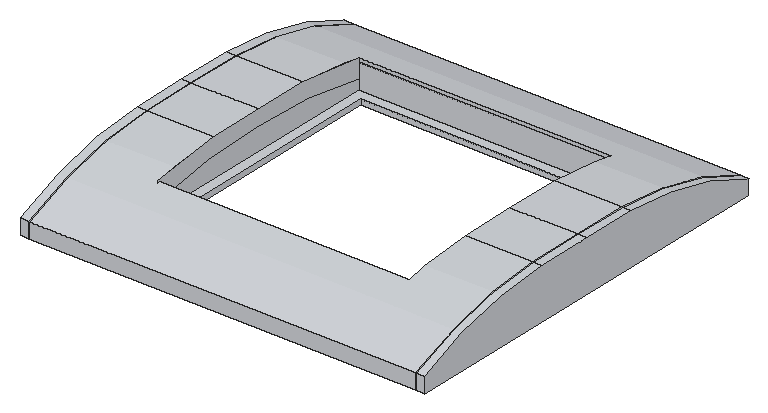
Revit family "Gira_100236", category Electrical Fixtures, host Face, Revit 2017
Family settings
  Host = Face
  Maintain Annotation Orientation = No
  Round Connector Dimension = Use Diameter
  Part Type = Normal
  Cut with Voids When Loaded = No
  Shared = No
  Room Calculation Point = No
Parameters (values of type "Abdeckrahmen 2f o.M. Zwischenr. F Alu Gira Event F Alu")
  Werkstoffgüte = "Thermoplast"
  Werkstoff = "Kunststoff"
  URL = "http://katalog.gira.de/de_DE/datenblatt.html?artikelnr=100236"
  Transparent = "No"
  Textfeld/Beschriftungsfläche = "No"
  Schutzart (IP) = "IP20"
  Region = "DE"
  Oberfläche = "sonstige"
  Name = "Abdeckrahmen 2f o.M. Zwischenr. F Alu Gira Event F Alu"
  Montagerichtung = "horizontal und vertikal"
  Mit Montagerahmen = "No"
  Mit Klappdeckel = "No"
  Manufacturer URL = "https://www.gira.de/"
  Keynote = "Event_Rahmen_2fach o.Mittelsteg"
  HeinzeBIM = "https://bimportal.heinze.de/bim/abdeckrahmen-2f-o-m-zwischenr-f-alu-gira-event-f-alu/8b97191429291e4fc81811aa6f74b86a37e6cded"
  Halogenfrei = "Yes"
  HAN = "100236"
  Geeignet für Unterputz-Installation = "Yes"
  Geeignet für Unterflurkanaldose = "No"
  Geeignet für Geräteeinbaukanal = "No"
  Geeignet für Einbauinstallation = "No"
  GTIN = "4010337002369"
  Farbe = "aluminium"
  Default Elevation = 1219.2 mm
  Data sheet (1) = "https://katalog.gira.de/de_DE/download.html?artikelnr=100236"
  Category = "Abdeckrahmen"
  Befestigungsart = "Klemmbefestigung"
  Available = "Yes"
  Anzahl der Einheiten vertikal = "2 "
  Anzahl der Einheiten horizontal = "2 "
  Anzahl der Einheiten = "2 "
Reference planes
  plane 1 "Center (Front/Back)": y = 0
  plane 2: z = 0
  plane 3 "Center (Left/Right)": x = 0
Forms (mm)
  Extrusion 1, solid, detail levels fine
    sketch origin (0, 0, 1.55) x (0, 1, 0) y (0, 0, 1)
      loop
        arc (12.445, 9.683) -> (6.223, 9.833) -> (0, 9.85) r 291.636
        arc (0, 9.85) -> (-6.223, 9.833) -> (-12.445, 9.683) r 291.636
        arc (-12.445, 9.683) -> (-29.14, 7.482) -> (-45, 1.823) r 79.728
        line (-45, 1.823) -> (-45, -1.55) -> (-41.777, -1.55) -> (-41.777, -0.55)
        arc (-41.777, -0.55) -> (-21.205, 4.846) -> (0, 6.467) r 118.15
        arc (0, 6.467) -> (21.205, 4.846) -> (41.777, -0.55) r 118.15
        line (41.777, -0.55) -> (41.777, -1.55) -> (45, -1.55) -> (45, 1.823)
        arc (45, 1.823) -> (29.14, 7.482) -> (12.445, 9.683) r 79.728
    from -43 to 43
  Extrusion 2, void, detail levels fine
    sketch origin (0, 0, 0) x (1, 0, 0) y (0, 1, 0)
      loop
        line (-28, -28) -> (28, -28) -> (28, 28) -> (-28, 28) -> (-28, -28)
    from 2.85 to 12
  Extrusion 3, solid, detail levels coarse
    sketch origin (0, 0, 0) x (1, 0, 0) y (0, 1, 0)
      loop
        line (-45, 45) -> (-45, -45) -> (45, -45) -> (45, 45) -> (-45, 45)
    from 0 to 11.4
  Extrusion 4, solid, detail levels medium
    sketch origin (0, 0, 1.55) x (0, 1, 0) y (0, 0, 1)
      loop
        arc (12.445, 9.683) -> (6.223, 9.833) -> (0, 9.85) r 291.636
        arc (0, 9.85) -> (-6.223, 9.833) -> (-12.445, 9.683) r 291.636
        arc (-12.445, 9.683) -> (-29.14, 7.482) -> (-45, 1.823) r 79.728
        line (-45, 1.823) -> (-45, -1.55) -> (45, -1.55) -> (45, 1.823)
        arc (45, 1.823) -> (29.14, 7.482) -> (12.445, 9.683) r 79.728
    from -45 to 45
  Extrusion 5, solid, detail levels fine
    sketch origin (0, 0, 0) x (0, 1, 0) y (0, 0, 1)
      loop
        arc (45, 3.373) -> (29.14, 9.032) -> (12.445, 11.233) r 79.728
        arc (12.445, 11.233) -> (6.223, 11.383) -> (0, 11.4) r 291.636
        arc (0, 11.4) -> (-6.223, 11.383) -> (-12.445, 11.233) r 291.636
        arc (-12.445, 11.233) -> (-29.14, 9.032) -> (-45, 3.373) r 79.728
        line (-45, 3.373) -> (-45, 0) -> (45, 0) -> (45, 3.373)
    from 43 to 45
  Extrusion 6, solid, detail levels fine
    sketch origin (0, 0, 0) x (0, 1, 0) y (0, 0, -1)
      loop
        line (45, -3.373) -> (45, 0) -> (-45, 0) -> (-45, -3.373)
        arc (-45, -3.373) -> (-29.14, -9.032) -> (-12.445, -11.233) r 79.728
        arc (-12.445, -11.233) -> (-6.223, -11.383) -> (0, -11.4) r 291.636
        arc (0, -11.4) -> (6.223, -11.383) -> (12.445, -11.233) r 291.636
        arc (12.445, -11.233) -> (29.14, -9.032) -> (45, -3.373) r 79.728
    from 43 to 45
  Extrusion 7, solid, detail levels fine
    sketch origin (0, 0, 0) x (1, 0, 0) y (0, 1, 0)
      loop
        line (-25.7, 25.7) -> (-25.7, -25.7) -> (25.7, -25.7) -> (25.7, 25.7) -> (-25.7, 25.7)
      loop
        line (-29.495, 27.895) -> (-29.495, -27.895)
        spline (-29.495, -27.895) -> (-29.486, -28.025) -> (-29.461, -28.154) -> (-29.419, -28.278) -> (-29.361, -28.395) -> (-29.288, -28.504) -> (-29.202, -28.602) -> (-29.104, -28.688) -> (-28.995, -28.761) -> (-28.878, -28.819) -> (-28.754, -28.861) -> (-28.625, -28.886) -> (-28.495, -28.895)
        line (-28.495, -28.895) -> (28.495, -28.895)
        spline (28.495, -28.895) -> (28.625, -28.886) -> (28.754, -28.861) -> (28.878, -28.819) -> (28.995, -28.761) -> (29.104, -28.688) -> (29.202, -28.602) -> (29.288, -28.504) -> (29.361, -28.395) -> (29.419, -28.278) -> (29.461, -28.154) -> (29.486, -28.025) -> (29.495, -27.895)
        line (29.495, -27.895) -> (29.495, 27.895)
        spline (29.495, 27.895) -> (29.486, 28.025) -> (29.461, 28.154) -> (29.419, 28.278) -> (29.361, 28.395) -> (29.288, 28.504) -> (29.202, 28.602) -> (29.104, 28.688) -> (28.995, 28.761) -> (28.878, 28.819) -> (28.754, 28.861) -> (28.625, 28.886) -> (28.495, 28.895)
        line (28.495, 28.895) -> (-28.495, 28.895)
        spline (-28.495, 28.895) -> (-28.625, 28.886) -> (-28.754, 28.861) -> (-28.878, 28.819) -> (-28.995, 28.761) -> (-29.104, 28.688) -> (-29.202, 28.602) -> (-29.288, 28.504) -> (-29.361, 28.395) -> (-29.419, 28.278) -> (-29.461, 28.154) -> (-29.486, 28.025) -> (-29.495, 27.895)
    from 1.673 to 8.5
Cuts and joins
  Extrusion 2 cuts Extrusion 1
  Extrusion 2 cuts Extrusion 7
Dimensions and locks
  aligned and locked: plane 2 to host face
  aligned and locked: level to host face
